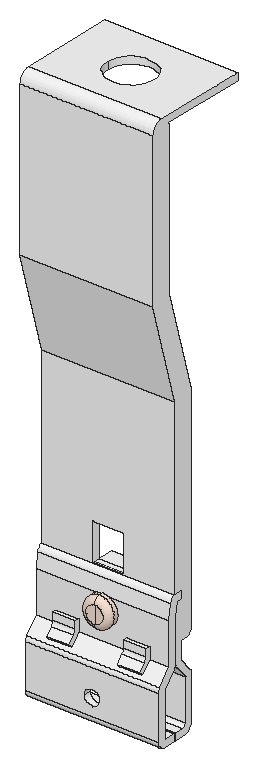
Revit family "zikazurihanger_etbar_6", category 機械設備, Revit 2022
Family settings
  丸型コネクタ寸法 = 直径を使用
  種別 = なし
  パーツ タイプ = 標準
  作業面ベース = いいえ
  常に垂直 = はい
  ロード時にボイドで切り取り = いいえ
  注釈の向きを維持 = いいえ
  共有 = いいえ
  部屋計算ポイント = いいえ
Parameters
  製造元 = "株式会社桐井製作所"
  既定の高さ = 0 mm
  URL = "https://www.kirii.co.jp/"
  K_材質 = "溶融亜鉛めっき鋼板及び鋼帯 SGHC 一般用"
  K_品名 = "eTバー直吊りハンガー6mm用"
  K_名称 = "ハンガー"
  K_入数 = "250"
  K_備考 = "対象Tバー：eT4015、eY4815"
  K_バージョン情報 = "20220411"
  K_めっき付着量 = "Z12"
  K_JIS規格 = "JIS G 3302"
Reference planes
  plane 1 "中心(正面/背面)": y = 0
  plane 2: z = 0
  plane 3 "中心(左/右)": x = 0
Forms (mm)
  Extrusion 1, solid, material "05吊り材"
    sketch origin (0, 0, 0) x (0, 1, 0) y (0, 0, 1)
      loop
        line (0, 53.176) -> (-6.15, 75.176) -> (-6.15, 109.256)
        arc (-6.15, 109.256) -> (-5.857, 109.963) -> (-5.15, 110.256) r 1
        line (-5.15, 110.256) -> (16, 110.256) -> (16, 111.856) -> (-5.35, 111.856)
        arc (-5.35, 111.856) -> (-7.047, 111.153) -> (-7.75, 109.456) r 2.4
        line (-7.75, 109.456) -> (-7.75, 74.956) -> (-1.6, 52.956) -> (-1.6, 0)
        arc (-1.6, 0) -> (-1.498, -0.561) -> (-1.207, -1.051) r 1.6
        line (-1.207, -1.051) -> (1.4, -4.044) -> (1.4, -13.244)
        arc (1.4, -13.244) -> (1.166, -13.809) -> (0.6, -14.044) r 0.8
        line (0.6, -14.044) -> (-1.3, -14.044) -> (-1.3, -15.644) -> (0.6, -15.644)
        arc (0.6, -15.644) -> (2.297, -14.941) -> (3, -13.244) r 2.4
        line (3, -13.244) -> (3, -4.044)
        arc (3, -4.044) -> (2.898, -3.483) -> (2.607, -2.993) r 1.6
        line (2.607, -2.993) -> (0, 0) -> (0, 3.956) -> (0, 53.176)
    from -15 to 15
  Extrusion 2, solid, material "05吊り材"
    sketch origin (0, 0, 0) x (0, 1, 0) y (0, 0, 1)
      loop
        line (-1.6, 0) -> (-1.6, 9.356) -> (-1.2, 12.356) -> (3.8, 12.356) -> (3.8, 13.956) -> (-1.186, 13.956)
        arc (-1.186, 13.956) -> (-2.24, 13.56) -> (-2.772, 12.568) r 1.6
        line (-2.772, 12.568) -> (-3.2, 9.356) -> (-3.2, 0) -> (-5.807, -2.993)
        arc (-5.807, -2.993) -> (-6.098, -3.483) -> (-6.2, -4.044) r 1.6
        line (-6.2, -4.044) -> (-6.2, -14.044)
        arc (-6.2, -14.044) -> (-5.731, -15.175) -> (-4.6, -15.644) r 1.6
        line (-4.6, -15.644) -> (-1.9, -15.644) -> (-1.9, -14.044) -> (-4.6, -14.044) -> (-4.6, -4.044) -> (-1.993, -1.051)
        arc (-1.993, -1.051) -> (-1.702, -0.561) -> (-1.6, 0) r 1.6
    from -15 to 15
  Extrusion 3, void
    sketch origin (0, 7.6, 0) x (1, 0, 0) y (0, 0, 1)
      loop
        circle (0, -10.1) r 1.75
    from 4.6 to 6.2
  Extrusion 4, void
    sketch origin (0, 0, 0) x (1, 0, 0) y (0, 0, 1)
      loop
        circle (0, 6.373) r 2.5
    from 0 to 3.2
  Extrusion 5, void
    sketch origin (0, 0, 0) x (1, 0, 0) y (0, 0, 1)
      loop
        circle (0, -10.1) r 1.75
    from 4.6 to 6.2
  Extrusion 6, solid, material "アルミニウム"
    sketch origin (0, 0, 0) x (1, 0, 0) y (0, 0, 1)
      loop
        circle (0, 6.436) r 4.1
      loop
        circle (0, 6.436) r 2.499
    from -1.3 to 0
  Extrusion 7, solid, material "05吊り材"
    sketch origin (0, 0, 0) x (0, 1, 0) y (0, 0, 1)
      loop
        arc (-4.2, 0.973) -> (-4.302, 0.412) -> (-4.593, -0.077) r 1.6
        line (-4.593, -0.077) -> (-5.904, -1.582) -> (-5.195, -2.291) -> (-3.2, 0) -> (-3.2, 2.617) -> (-4.2, 2.617) -> (-4.2, 0.973)
      loop
        line (1, 0.973) -> (1, 2.617) -> (0, 2.617) -> (0, 0) -> (1.995, -2.291) -> (2.704, -1.582) -> (1.393, -0.077)
        arc (1.393, -0.077) -> (1.102, 0.412) -> (1, 0.973) r 1.6
    from 5.5 to 10.5
  Extrusion 8, solid, material "05吊り材"
    sketch origin (-16, 0, 0) x (0, 1, 0) y (0, 0, 1)
      loop
        arc (-4.2, 0.973) -> (-4.302, 0.412) -> (-4.593, -0.077) r 1.6
        line (-4.593, -0.077) -> (-5.904, -1.582) -> (-5.195, -2.291) -> (-3.2, 0) -> (-3.2, 2.617) -> (-4.2, 2.617) -> (-4.2, 0.973)
      loop
        line (1, 0.973) -> (1, 2.617) -> (0, 2.617) -> (0, 0) -> (1.995, -2.291) -> (2.704, -1.582) -> (1.393, -0.077)
        arc (1.393, -0.077) -> (1.102, 0.412) -> (1, 0.973) r 1.6
    from 5.5 to 10.5
  Extrusion 9, void
    sketch origin (0, 0, 0) x (1, 0, 0) y (0, 1, 0)
      loop
        circle (0, 4.75) r 5.25
    from 110.256 to 111.856
  Extrusion 10, void
    sketch origin (0, 0, 0) x (1, 0, 0) y (0, 0, 1)
      loop
        line (-15, 13.956) -> (-15, 12.356) -> (-3.5, 12.356) -> (-3.5, 13.956) -> (-15, 13.956)
      loop
        line (3.5, 13.956) -> (3.5, 12.356) -> (15, 12.356) -> (15, 13.956) -> (3.5, 13.956)
    from -3.8 to 0
  Extrusion 11, void
    sketch origin (0, 0, 0) x (1, 0, 0) y (0, 0, 1)
      loop
        line (-3.5, 22.356) -> (-3.5, 13.956) -> (3.5, 13.956) -> (3.5, 22.356) -> (-3.5, 22.356)
    from 0 to 2.034
  Extrusion 12, solid, material "05吊り材"
    sketch origin (-15, 0, 0) x (0, 1, 0) y (0, 0, 1)
      loop
        arc (-5.15, 110.256) -> (-5.857, 109.963) -> (-6.15, 109.256) r 1
        line (-6.15, 109.256) -> (-6.15, 75.176) -> (0, 53.176) -> (0, 3.956) -> (1.3, 3.956)
        arc (1.3, 3.956) -> (2.431, 4.425) -> (2.9, 5.556) r 1.6
        line (2.9, 5.556) -> (2.9, 53.573) -> (-3.25, 75.573) -> (-3.25, 109.692)
        arc (-3.25, 109.692) -> (-3.619, 110.104) -> (-4.15, 110.256) r 1
        line (-4.15, 110.256) -> (-5.15, 110.256)
    from 0 to 1.6
  Extrusion 13, solid, material "05吊り材"
    sketch origin (13.4, 0, 0) x (0, 1, 0) y (0, 0, 1)
      loop
        arc (-5.15, 110.256) -> (-5.857, 109.963) -> (-6.15, 109.256) r 1
        line (-6.15, 109.256) -> (-6.15, 75.176) -> (0, 53.176) -> (0, 3.956) -> (1.3, 3.956)
        arc (1.3, 3.956) -> (2.431, 4.425) -> (2.9, 5.556) r 1.6
        line (2.9, 5.556) -> (2.9, 53.573) -> (-3.25, 75.573) -> (-3.25, 109.692)
        arc (-3.25, 109.692) -> (-3.619, 110.104) -> (-4.15, 110.256) r 1
        line (-4.15, 110.256) -> (-5.15, 110.256)
    from 0 to 1.6
Cuts and joins
  Extrusion 3, Extrusion 4, Extrusion 5, Extrusion 9, Extrusion 10, Extrusion 11 cuts Extrusion 1
  joined: Extrusion 1, Extrusion 7, Extrusion 8, Extrusion 12, Extrusion 13
  Extrusion 3, Extrusion 4, Extrusion 5, Extrusion 9, Extrusion 10, Extrusion 11 cuts Extrusion 2
Dimensions and locks
  aligned and locked: level to plane 2
Nested families
  nested 1: "直吊りハンガー用ビス" at (0, -3.2, 6.373), type "直吊りハンガー用ビス"
Definition of nested family "直吊りハンガー用ビス"
  Parameters (values of type "直吊りハンガー用ビス")
    Manufacturer = "株式会社桐井製作所"
    Default Elevation = 0 mm
    URL = "https://www.kirii.co.jp/"
    K_名称 = "M6×25ボルト"
  Reference planes
    plane 1 "中心(正面/背面)": y = 0
    plane 2: z = 0
    plane 3 "中心(左/右)": x = 0
    plane 4 "正面": y = -5
  Forms (mm)
    Extrusion 1, solid
      sketch origin (0, 0, 0.234) x (1, 0, 0) y (0, 0, 1)
        loop
          circle (-0.011, -0.2) r 2.5
      from 0 to -5
    Revolve 2, solid
      sketch origin (0, 0, 0) x (0, 1, 0) y (0, 0, 1)
        loop
          line (0, 0) -> (-2.299, 0) -> (-2.299, -1.966)
          arc (-2.299, -1.966) -> (-1.904, -2.921) -> (-0.949, -3.316) r 1.35
          line (-0.949, -3.316) -> (0, -3.316) -> (0, 0)
        axis (0, 0) -> (-2.299, 0)
      angle from 0 to 360
  Cuts and joins
    joined: Extrusion 1, Revolve 2
  Dimensions and locks
    aligned and locked: level to plane 2
